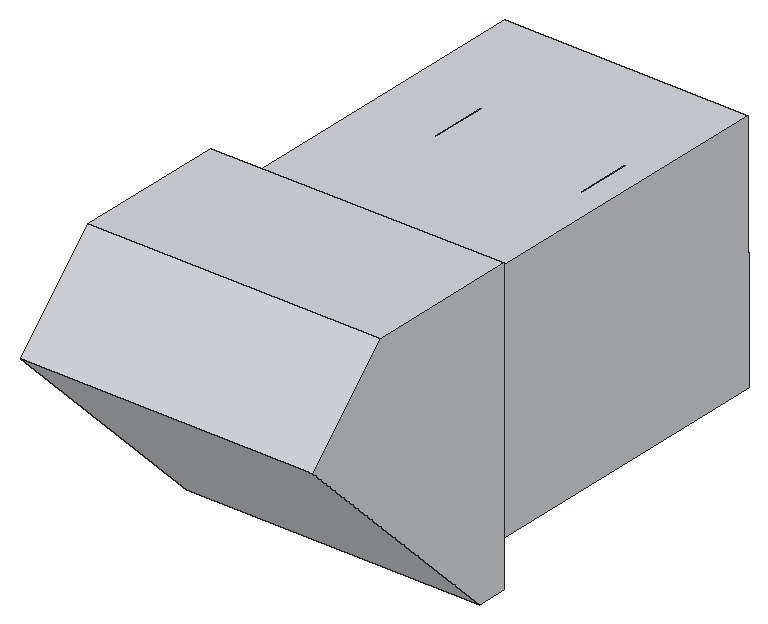
Revit family "XLPH_SUPPLY", category Mechanical Equipment, Revit 2019
Family settings
  Round Connector Dimension = Use Diameter
  Part Type = Normal
  Work Plane-Based = No
  Always vertical = Yes
  Cut with Voids When Loaded = No
  Shared = No
  Room Calculation Point = No
Parameters (values of type "20_XLPH_SUPPLY")
  WO_PAC = B_PAC + 0' 0 1/4"  # 2' - 1 1/4"
  WH_C = WH_B + 0' 3"  # 2' - 9"
  WH_B/2 = WH_B / 2  # 1' - 3"
  WH_B = 2' - 6"
  WH_A = 2' - 0 3/8"
  WEATHER_HOOD [instance] = yes
  Unit Weight [instance] = ""
  Sones [instance] = ""
  SIZE/2 = SIZE / 2  # 0' - 11 15/16"
  SIZE = D - 0' 0 1/8"  # 1' - 11 7/8"
  Motor RPM [instance] = ""
  Motor Enclosure [instance] = ""
  ModelID [instance] = ""
  MOTOR = D / 10  # 0' - 2.4"
  LwA [instance] = ""
  Fan RPM [instance] = ""
  D_PAC/2 = D_PAC / 2 - 0' 4"  # 1' - 1 3/16"
  D_PAC = 2' - 10 3/8"
  D/2 = D / 2  # 1' - 0"
  D = 2' - 0"
  E/2 = E / 2  # 0' - 1"
  E = 0' - 2"
  C_PAC/2 = C_PAC / 2  # 0' - 11"
  C_PAC = 1' - 10"
  C/2 = C / 2  # 0' - 2 5/8"
  C = 0' - 5 1/4"
  B_PAC/2 = B_PAC / 2  # 1' - 0 1/2"
  B_PAC = 2' - 1"
  B/4 = B / 4  # 0' - 4 49/64"
  B/2 = B / 2  # 0' - 9 17/32"
  B = 1' - 7 1/16"
  Accessories [instance] = ""
  A_PAC/2 = A_PAC / 2  # 1' - 1 3/4"
  A_PAC = 2' - 3 1/2"
  A/7 = A / 7  # 0' - 3.45536"
  A/3.5 = A / 3.5  # 0' - 6.91071"
  A/2 = A / 2  # 1' - 0 3/32"
  A = 2' - 0 3/16"
  90 = 90.00°  # constant formula
  9" = 0' - 9"  # constant formula
  4'6" = 4' - 6"  # constant formula
  3" = 0' - 3"  # constant formula
  Brake Hp [instance] = ""
  4" = 0' - 4"  # constant formula
  2' = 2' - 0"
  2" = 0' - 2"  # constant formula
  135 = 135.00°  # constant formula
  1" = 0' - 1"  # constant formula
  0 = 0' - 0"  # constant formula
  Voltage [instance] = 0 V
  URL = "www.lorencook.com"
  Type Comments = "Heavy Duty Low-Pressure Wall-Pac Supply Fan Steel Propeller Belt Drive"  # constant formula
  Static Pressure [instance] = 0.00 in-wg
  Power [instance] = Voltage * Motor FLA * sqrt(if(Phase = 3, 3, 1))  # 0 VA
  Phase [instance] = 0
  Number of Poles [instance] = 1
  Motor Hp [instance] = "0"
  Motor FLA [instance] = 0 A
  Model = "XLPH_SUPPLY"  # constant formula
  Manufacturer = "Loren Cook Company"
  CFM [instance] = 0 CFM
  1.5 = 0' - 1 1/2"  # constant formula
  1/2 = 0' - 0 1/2"  # constant formula
  ONE EIGTH = 0' - 0 1/8"  # constant formula
  -WH_B/2 = -WH_B / 2  # -1' - 3"
  -D_PAC/2 = -D_PAC / 2 - 0' 4"  # -1' - 9 3/16"
  -D = -E  # -0' - 2"
  -C/2 = -C / 2  # -0' - 2 5/8"
  -B+1" = -B + 0' 2"  # -1' - 5 1/16"
  -B = -B  # -1' - 7 1/16"
  -((SIZE/2)-.25") = -((SIZE / 2) - 0' 0 1/4")  # -0' - 11 11/16"
  -((A/2)-C-.5") = -((A / 2) - C - 0' 0 1/2")  # -0' - 6 11/32"
  (SIZE/2)-.25" = (SIZE / 2) - 0' 0 1/4"  # 0' - 11 11/16"
  (D_SUP/2)-(C/2)-.125" = (D / 2) - (C / 2) - 0' 0 1/8"  # 0' - 9 1/4"
  (A/2)-C-.5" = (A / 2) - C - 0' 0 1/2"  # 0' - 6 11/32"
  (A/2)-1" = (A / 2) - 0' 0 1/4"  # 0' - 11 27/32"
Types (9): name | WO_PAC | WH_C | WH_B/2 | WH_B | WH_A | SIZE/2 | SIZE | MOTOR | D_PAC/2 | D_PAC | D/2 | D | E/2 | E | C_PAC/2 | C_PAC | C/2 | C | B_PAC/2 | B_PAC | B/4 | B/2 | B | A_PAC/2 | A_PAC | A/7 | A/3.5 | A/2 | A | -WH_B/2 | -D_PAC/2 | -D | -C/2 | -B+1" | -B | -((SIZE/2)-.25") | -((A/2)-C-.5") | (SIZE/2)-.25" | (D_SUP/2)-(C/2)-.125" | (A/2)-C-.5" | (A/2)-1"
  (no name) | 2' - 1 1/4" | 2' - 9" | 1' - 3" | 2' - 6" | 2' - 0 3/8" | 0' - 11 15/16" | 1' - 11 7/8" | 0' - 2.4" | 1' - 1 3/16" | 2' - 10 3/8" | 1' - 0" | 2' - 0" | 0' - 1" | 0' - 2" | 0' - 11" | 1' - 10" | 0' - 2 5/8" | 0' - 5 1/4" | 1' - 0 1/2" | 2' - 1" | 0' - 4 49/64" | 0' - 9 17/32" | 1' - 7 1/16" | 1' - 1 3/4" | 2' - 3 1/2" | 0' - 3.45536" | 0' - 6.91071" | 1' - 0 3/32" | 2' - 0 3/16" | -1' - 3" | -1' - 9 3/16" | -0' - 2" | -0' - 2 5/8" | -1' - 5 1/16" | -1' - 7 1/16" | -0' - 11 11/16" | -0' - 6 11/32" | 0' - 11 11/16" | 0' - 9 1/4" | 0' - 6 11/32" | 0' - 11 27/32"
  24_XLPH_SUPPLY | 2' - 7 1/4" | 3' - 1" | 1' - 5" | 2' - 10" | 2' - 3 1/8" | 1' - 2 15/16" | 2' - 5 7/8" | 0' - 3" | 1' - 1 3/16" | 2' - 10 3/8" | 1' - 3" | 2' - 6" | 0' - 1 1/2" | 0' - 3" | 1' - 1 3/4" | 2' - 3 1/2" | 0' - 3 3/8" | 0' - 6 3/4" | 1' - 3 1/2" | 2' - 7" | 0' - 4 49/64" | 0' - 9 17/32" | 1' - 7 1/16" | 1' - 4 3/4" | 2' - 9 1/2" | 0' - 4 5/16" | 0' - 8 5/8" | 1' - 3 3/32" | 2' - 6 3/16" | -1' - 5" | -1' - 9 3/16" | -0' - 3" | -0' - 3 3/8" | -1' - 5 1/16" | -1' - 7 1/16" | -1' - 2 11/16" | -0' - 7 27/32" | 1' - 2 11/16" | 0' - 11 1/2" | 0' - 7 27/32" | 1' - 2 27/32"
  30_XLPH_SUPPLY | 3' - 1 1/4" | 3' - 7" | 1' - 8" | 3' - 4" | 2' - 7 7/16" | 1' - 5 15/16" | 2' - 11 7/8" | 0' - 3.6" | 1' - 3" | 3' - 2" | 1' - 6" | 3' - 0" | 0' - 1 1/2" | 0' - 3" | 1' - 4 3/4" | 2' - 9 1/2" | 0' - 3 3/8" | 0' - 6 3/4" | 1' - 6 1/2" | 3' - 1" | 0' - 4 49/64" | 0' - 9 17/32" | 1' - 7 1/16" | 1' - 7 3/4" | 3' - 3 1/2" | 0' - 5.16964" | 0' - 10.33929" | 1' - 6 3/32" | 3' - 0 3/16" | -1' - 8" | -1' - 11" | -0' - 3" | -0' - 3 3/8" | -1' - 5 1/16" | -1' - 7 1/16" | -1' - 5 11/16" | -0' - 10 27/32" | 1' - 5 11/16" | 1' - 2 1/2" | 0' - 10 27/32" | 1' - 5 27/32"
  36_XLPH_SUPPLY | 3' - 7 1/4" | 4' - 1" | 1' - 11" | 3' - 10" | 2' - 11 11/16" | 1' - 8 15/16" | 3' - 5 7/8" | 0' - 4.2" | 1' - 3 3/4" | 3' - 3 1/2" | 1' - 9" | 3' - 6" | 0' - 1 1/2" | 0' - 3" | 1' - 7 3/4" | 3' - 3 1/2" | 0' - 3 11/16" | 0' - 7 3/8" | 1' - 9 1/2" | 3' - 7" | 0' - 4 49/64" | 0' - 9 17/32" | 1' - 7 1/16" | 1' - 10 3/4" | 3' - 9 1/2" | 0' - 6.02679" | 1' - 0.05357" | 1' - 9 3/32" | 3' - 6 3/16" | -1' - 11" | -1' - 11 3/4" | -0' - 3" | -0' - 3 11/16" | -1' - 5 1/16" | -1' - 7 1/16" | -1' - 8 11/16" | -1' - 1 7/32" | 1' - 8 11/16" | 1' - 5 3/16" | 1' - 1 7/32" | 1' - 8 27/32"
  42_XLPH_SUPPLY | 4' - 1 5/16" | 4' - 7" | 2' - 2" | 4' - 4" | 3' - 3 15/16" | 1' - 11 15/16" | 3' - 11 7/8" | 0' - 4.8" | 1' - 4 1/2" | 3' - 5" | 2' - 0" | 4' - 0" | 0' - 1 1/2" | 0' - 3" | 1' - 10 3/4" | 3' - 9 1/2" | 0' - 3 25/32" | 0' - 7 9/16" | 2' - 0 17/32" | 4' - 1 1/16" | 0' - 5 11/64" | 0' - 10 11/32" | 1' - 8 11/16" | 2' - 1 3/4" | 4' - 3 1/2" | 0' - 6.88393" | 1' - 1.76786" | 2' - 0 3/32" | 4' - 0 3/16" | -2' - 2" | -2' - 0 1/2" | -0' - 3" | -0' - 3 25/32" | -1' - 6 11/16" | -1' - 8 11/16" | -1' - 11 11/16" | -1' - 4 1/32" | 1' - 11 11/16" | 1' - 8 3/32" | 1' - 4 1/32" | 1' - 11 27/32"
  48_XLPH_SUPPLY | 4' - 7 5/16" | 5' - 1" | 2' - 5" | 4' - 10" | 3' - 8 3/16" | 2' - 2 15/16" | 4' - 5 7/8" | 0' - 5.4" | 1' - 9 1/2" | 4' - 3" | 2' - 3" | 4' - 6" | 0' - 1 1/2" | 0' - 3" | 2' - 1 3/4" | 4' - 3 1/2" | 0' - 3 15/16" | 0' - 7 7/8" | 2' - 3 17/32" | 4' - 7 1/16" | 0' - 6 37/64" | 1' - 1 5/32" | 2' - 2 5/16" | 2' - 4 3/4" | 4' - 9 1/2" | 0' - 7.74107" | 1' - 3.48214" | 2' - 3 3/32" | 4' - 6 3/16" | -2' - 5" | -2' - 5 1/2" | -0' - 3" | -0' - 3 15/16" | -2' - 0 5/16" | -2' - 2 5/16" | -2' - 2 11/16" | -1' - 6 23/32" | 2' - 2 11/16" | 1' - 10 15/16" | 1' - 6 23/32" | 2' - 2 27/32"
  54_XLPH_SUPPLY | 5' - 1 3/8" | 5' - 7" | 2' - 8" | 5' - 4" | 4' - 0 7/16" | 2' - 5 15/16" | 4' - 11 7/8" | 0' - 6" | 1' - 8" | 4' - 0" | 2' - 6" | 5' - 0" | 0' - 1 1/2" | 0' - 3" | 2' - 4 3/4" | 4' - 9 1/2" | 0' - 3 7/8" | 0' - 7 3/4" | 2' - 6 9/16" | 5' - 1 1/8" | 0' - 6 37/64" | 1' - 1 5/32" | 2' - 2 5/16" | 2' - 7 3/4" | 5' - 3 1/2" | 0' - 8.59821" | 1' - 5.19643" | 2' - 6 3/32" | 5' - 0 3/16" | -2' - 8" | -2' - 4" | -0' - 3" | -0' - 3 7/8" | -2' - 0 5/16" | -2' - 2 5/16" | -2' - 5 11/16" | -1' - 9 27/32" | 2' - 5 11/16" | 2' - 2" | 1' - 9 27/32" | 2' - 5 27/32"
  60_XLPH_SUPPLY | 5' - 7 3/8" | 6' - 1" | 2' - 11" | 5' - 10" | 4' - 4 5/8" | 2' - 8 15/16" | 5' - 5 7/8" | 0' - 6.6" | 1' - 8" | 4' - 0" | 2' - 9" | 5' - 6" | 0' - 1 1/2" | 0' - 3" | 2' - 7 3/4" | 5' - 3 1/2" | 0' - 3 15/16" | 0' - 7 7/8" | 2' - 9 9/16" | 5' - 7 1/8" | 0' - 6 37/64" | 1' - 1 5/32" | 2' - 2 5/16" | 2' - 10 3/4" | 5' - 9 1/2" | 0' - 9.45536" | 1' - 6.91071" | 2' - 9 3/32" | 5' - 6 3/16" | -2' - 11" | -2' - 4" | -0' - 3" | -0' - 3 15/16" | -2' - 0 5/16" | -2' - 2 5/16" | -2' - 8 11/16" | -2' - 0 23/32" | 2' - 8 11/16" | 2' - 4 15/16" | 2' - 0 23/32" | 2' - 8 27/32"
  20_XLPH_SUPPLY | 2' - 1 1/4" | 2' - 9" | 1' - 3" | 2' - 6" | 2' - 0 3/8" | 0' - 11 15/16" | 1' - 11 7/8" | 0' - 2.4" | 1' - 1 3/16" | 2' - 10 3/8" | 1' - 0" | 2' - 0" | 0' - 1" | 0' - 2" | 0' - 11" | 1' - 10" | 0' - 2 5/8" | 0' - 5 1/4" | 1' - 0 1/2" | 2' - 1" | 0' - 4 49/64" | 0' - 9 17/32" | 1' - 7 1/16" | 1' - 1 3/4" | 2' - 3 1/2" | 0' - 3.45536" | 0' - 6.91071" | 1' - 0 3/32" | 2' - 0 3/16" | -1' - 3" | -1' - 9 3/16" | -0' - 2" | -0' - 2 5/8" | -1' - 5 1/16" | -1' - 7 1/16" | -0' - 11 11/16" | -0' - 6 11/32" | 0' - 11 11/16" | 0' - 9 1/4" | 0' - 6 11/32" | 0' - 11 27/32"
Reference planes (in)
  plane 1 "Center (Front/Back)": y = 0
  plane 2: z = 0
  plane 3 "Center (Left/Right)": x = 0.40541
Forms (in)
  Revolve 1, solid
    sketch origin (0.40541, 0, 0) x (0, 1, 0) y (0, 0, 1)
      loop
        line (-3.625, 2.625) -> (-3.625, 0) -> (-2.625, 0) -> (-2.625, 2.625) -> (-3.625, 2.625)
      axis (-3.625, 0) -> (-2.625, 0)
    angle from 0 to 360
  Extrusion 2, solid
    sketch origin (0.40541, 0, 0) x (0, 1, 0) y (0, 0, 1)
      loop
        line (0, -2.625) -> (-5.25, 2.625) -> (-5.33839, 2.53661) -> (-0.08839, -2.71339) -> (0, -2.625)
    from 48 to 2.625 <- "C/2"
  Extrusion 3, solid
    sketch origin (0.40541, 0, 0) x (0, 1, 0) y (-1, 0, 0)
      loop
        line (0, -2.625) -> (-5.25, 2.625) -> (-5.33839, 2.53661) -> (-0.08839, -2.71339) -> (0, -2.625)
    from 48 to 2.625 <- "C/2"
  Extrusion 4, solid
    sketch origin (0.40541, 0, 0) x (0, 1, 0) y (0, 0, -1)
      loop
        line (0, -2.625) -> (-5.25, 2.625) -> (-5.33839, 2.53661) -> (-0.08839, -2.71339) -> (0, -2.625)
    from 48 to 2.625 <- "C/2"
  Extrusion 5, solid
    sketch origin (0.40541, 0, 0) x (1, 0, 0) y (0, 1, 0)
      loop
        line (-2.625, 0) -> (-2.71339, -0.08839) -> (2.53661, -5.33839) -> (2.625, -5.25) -> (-2.625, 0)
    from -48 to -2.625 <- "-C/2"
  Extrusion 6, void
    sketch origin (0, 0, 0) x (1, 0, 0) y (0, 0, 1)
      loop
        circle (0.40541, 0) r 9.25
      loop
        circle (0.40541, 0) r 54
    from 0 to 10
  Extrusion 7, solid
    sketch origin (0, 0, 0) x (1, 0, 0) y (0, 0, 1)
      loop
        line (-11.68834, 12.09375) -> (-11.68834, -12.09375) -> (12.49916, -12.09375) -> (12.49916, 12.09375) -> (-11.68834, 12.09375)
      loop
        circle (0.40541, 0) r 12
    from 0 to -0.125
  Extrusion 8, solid
    sketch origin (0, 0, 0) x (1, 0, 0) y (0, 0, 1)
      loop
        line (-11.68834, 12.09375) -> (-11.68834, -12.09375) -> (12.49916, -12.09375) -> (12.49916, 12.09375) -> (-11.68834, 12.09375)
      loop
        line (12.37416, -11.96875) -> (12.37416, 11.96875) -> (-11.56334, 11.96875) -> (-11.56334, -11.96875) -> (12.37416, -11.96875)
    from 0 to -2 <- "-D"
  Extrusion 9, solid
    sketch origin (0, 0, 0) x (1, 0, 0) y (0, 0, 1)
      loop
        circle (0.40541, 0) r 1
    from 2 to -19.0625 <- "-B"
  Extrusion 10, solid
    sketch origin (0, 0, 0) x (1, 0, 0) y (0, 0, 1)
      loop
        line (-6.5053, -2) -> (-6.5053, -11) -> (-6.3803, -11) -> (-6.3803, -3.5) -> (7.19113, -3.5) -> (7.19113, -11) -> (7.31613, -11) -> (7.31613, -2) -> (-6.5053, -2)
    from 0 to -17.0625 <- "-B+1""
  Sweep 11, solid
    path origin (0.40541, 0, 0) x (0, 1, 0) y (0, 0, 1)
      loop
        line (0.125, 10.96875) -> (11.29687, 10.96875)
        arc (11.29687, 10.96875) -> (14.66668, 9.57293) -> (16.0625, 6.20312) r 4.76563
        line (16.0625, 6.20312) -> (16.0625, -6.20312)
        arc (16.0625, -6.20312) -> (14.66668, -9.57293) -> (11.29687, -10.96875) r 4.76563
        line (11.29687, -10.96875) -> (0.125, -10.96875)
    profile origin (0.40541, 5.71094, 10.96875) x (0, 0, 1) y (1, 0, 0)
      loop
        circle (0, -7.41071) r 0.5
      loop
        circle (0, 7.41071) r 0.5
  Revolve 12, solid
    sketch origin (0.40541, 0, 0) x (0, 1, 0) y (0, 0, 1)
      loop
        arc (-0.125, 12) -> (-2.75, 9.375) -> (-5.375, 12) r 2.625
        line (-5.375, 12) -> (-5.5, 12)
        arc (-5.5, 12) -> (-2.75, 9.25) -> (0, 12) r 2.75
        line (0, 12) -> (-0.125, 12)
      axis (-5.5, 0) -> (0, 0)
    angle from 0 to 360
  Extrusion 13, solid
    sketch origin (0, 17.0625, 0) x (-1, 0, 0) y (0, 0, 1)
      loop
        circle (-0.40541, -5.9) r 2.4
    from 0 to -17.0625 <- "-B+1""
  Extrusion 14, solid
    sketch origin (0, 19.0625, 0) x (-1, 0, 0) y (0, 0, 1)
      loop
        circle (-0.40541, -5.9) r 1
    from 0 to -2
  Extrusion 15, solid
    sketch origin (0, 17.0625, 0) x (-1, 0, 0) y (0, 0, 1)
      loop
        line (-3.40541, -0.5) -> (-3.40541, -2) -> (2.59459, -2) -> (2.59459, -0.5) -> (1.53108, -0.5)
        arc (1.53108, -0.5) -> (-0.40541, 2) -> (-2.3419, -0.5) r 2
        line (-2.3419, -0.5) -> (-3.40541, -0.5)
    from -2.5 to -1
  Extrusion 16, solid
    sketch origin (0, 0, 0) x (1, 0, 0) y (0, 0, 1)
      loop
        arc (2.3419, -0.5) -> (0.40541, 2) -> (-1.53108, -0.5) r 2
        line (-1.53108, -0.5) -> (-2.59459, -0.5) -> (-2.59459, -2) -> (3.40541, -2) -> (3.40541, -0.5) -> (2.3419, -0.5)
    from -2.5 to -1
  Extrusion 17, solid
    sketch origin (0, 0, 0) x (1, 0, 0) y (0, 0, 1)
      loop
        line (-11.96959, 12.375) -> (-11.96959, -12.375) -> (12.78041, -12.375) -> (12.78041, 12.375) -> (-11.96959, 12.375)
      loop
        line (12.90541, -12.5) -> (12.90541, 12.5) -> (-12.09459, 12.5) -> (-12.09459, -12.5) -> (12.90541, -12.5)
    from -21.1875 <- "-D_PAC/2" to 13.1875 <- "D_PAC/2"
  Extrusion 18, solid
    sketch origin (0, -13.1875, 0) x (1, 0, 0) y (0, 0, 1)
      loop
        line (-13.34459, 13.75) -> (-13.34459, -13.75) -> (14.15541, -13.75) -> (14.15541, 13.75) -> (-13.34459, 13.75)
      loop
        line (11.40541, -11) -> (11.40541, 11) -> (-10.59459, 11) -> (-10.59459, -11) -> (11.40541, -11)
    from 0 to 0.125
  Extrusion 19, solid
    sketch origin (0, -13.3125, 0) x (1, 0, 0) y (0, 0, 1)
      loop
        line (-8.59459, 9) -> (-8.59459, -9) -> (9.40541, -9) -> (9.40541, 9) -> (-8.59459, 9)
      loop
        line (11.40541, -11) -> (11.40541, 11) -> (-10.59459, 11) -> (-10.59459, -11) -> (11.40541, -11)
    from 0 to 2
  Extrusion 20, solid, visible <- "WEATHER_HOOD"
    sketch origin (0.40541, 0, 0) x (0, 1, 0) y (0, 0, 1)
      loop
        line (-13.3125, 15) -> (-29.0625, 15) -> (-37.6875, 6.375) -> (-16.3125, -15) -> (-13.3125, -15) -> (-13.3125, 15)
    from 15 <- "WH_B/2" to -15 <- "-WH_B/2"
Cuts and joins
  Extrusion 6 cuts Revolve 1
  Extrusion 6 cuts Extrusion 2
  Extrusion 6 cuts Extrusion 3
  Extrusion 6 cuts Extrusion 4
  Extrusion 6 cuts Extrusion 5
Dimensions and locks (in)
  "0": Revolve 1 sketch curve to level  (x2)
  "C/2": Revolve 1 sketch curve to level
  "C/2": plane 1 "Center (Front/Back)" to Revolve 1 sketch curve
  "1"": Revolve 1 sketch curve to Revolve 1 sketch curve
  "0": Extrusion 2 sketch curve to plane 1 "Center (Front/Back)"
  "C": plane 1 "Center (Front/Back)" to Extrusion 2 sketch curve
  "C/2": Extrusion 2 sketch curve to level
  "C/2": level to Extrusion 2 sketch curve
  "ONE EIGTH": Extrusion 2 sketch curve to Extrusion 2 sketch curve
  "ONE EIGTH": Extrusion 3 sketch curve to Extrusion 3 sketch curve
  "ONE EIGTH": Extrusion 4 sketch curve to Extrusion 4 sketch curve
  "ONE EIGTH": Extrusion 5 sketch curve to Extrusion 5 sketch curve
  Extrusion 6 sketch curve to plane 3 "Center (Left/Right)" = 0' - 0"  (x2)
  level to Extrusion 6 sketch curve = 0' - 0"
  Extrusion 6 sketch curve to level = 0' - 0"
  "0": Extrusion 3 sketch curve to plane 1 "Center (Front/Back)"
  "C": Extrusion 3 sketch curve to plane 1 "Center (Front/Back)"
  "C/2": plane 3 "Center (Left/Right)" to Extrusion 3 sketch curve
  "C/2": Extrusion 3 sketch curve to plane 3 "Center (Left/Right)"
  "C": plane 1 "Center (Front/Back)" to Extrusion 4 sketch curve
  "0": Extrusion 4 sketch curve to plane 1 "Center (Front/Back)"
  "C/2": level to Extrusion 4 sketch curve
  "C/2": Extrusion 4 sketch curve to level
  "0": Extrusion 5 sketch curve to plane 1 "Center (Front/Back)"
  "C": Extrusion 5 sketch curve to plane 1 "Center (Front/Back)"
  "C/2": plane 3 "Center (Left/Right)" to Extrusion 5 sketch curve
  "C/2": Extrusion 5 sketch curve to plane 3 "Center (Left/Right)"
  "A/2": plane 3 "Center (Left/Right)" to Extrusion 7 sketch curve
  "A/2": Extrusion 7 sketch curve to plane 3 "Center (Left/Right)"
  "A/2": Extrusion 7 sketch curve to level
  "A/2": level to Extrusion 7 sketch curve
  "0": Extrusion 7 sketch curve to level
  "0": Extrusion 7 sketch curve to plane 3 "Center (Left/Right)"
  "ONE EIGTH": Extrusion 8 sketch curve to Extrusion 8 sketch curve  (x4)
  "A/2": plane 3 "Center (Left/Right)" to Extrusion 8 sketch curve  (x2)
  "A/2": level to Extrusion 8 sketch curve
  "A/2": Extrusion 8 sketch curve to level
  "0": Extrusion 9 sketch curve to level
  "0": Extrusion 9 sketch curve to plane 3 "Center (Left/Right)"
  "2"": level to Extrusion 10 sketch curve
  "9"": Extrusion 10 sketch curve to Extrusion 10 sketch curve  (x2)
  "A/3.5": Extrusion 10 sketch curve to plane 3 "Center (Left/Right)"
  "A/3.5": plane 3 "Center (Left/Right)" to Extrusion 10 sketch curve
  "ONE EIGTH": Sweep 11 sketch curve to plane 1 "Center (Front/Back)"  (x2)
  "1"": Extrusion 8 to Sweep 11 sketch curve  (x2)
  "0": Sweep 11 sketch curve to profile plane  (x2)
  "1/2": Sweep 11 sketch curve to Extrusion 10  (x2)
  "0": Revolve 12 sketch curve to level
  "D/2": Revolve 12 sketch curve to level  (x2)
  "C": Revolve 12 sketch curve to Revolve 12 sketch curve
  "ONE EIGTH": plane 1 "Center (Front/Back)" to Revolve 12 sketch curve
  "ONE EIGTH": Revolve 12 sketch curve to Revolve 12 sketch curve  (x2)
  "0": Revolve 12 sketch curve to Revolve 12 sketch curve
  "ONE EIGTH": Extrusion 10 sketch curve to Extrusion 10 sketch curve  (x2)
  "1.5": Extrusion 10 sketch curve to Extrusion 10 sketch curve
  "1"": Extrusion 10 to Sweep 11 sketch curve
  "0": Extrusion 13 sketch curve to plane 3 "Center (Left/Right)"
  "MOTOR": Extrusion 13 sketch curve to Extrusion 10
  "0": Extrusion 14 sketch curve to plane 3 "Center (Left/Right)"
  "MOTOR": Extrusion 14 sketch curve to Extrusion 10
  "0": Extrusion 10 to Extrusion 15 sketch curve
  "1.5": Extrusion 15 sketch curve to Extrusion 15 sketch curve
  "3"": plane 3 "Center (Left/Right)" to Extrusion 15 sketch curve  (x2)
  "0": Extrusion 15 sketch curve to plane 3 "Center (Left/Right)"
  "0": level to Extrusion 15 sketch curve
  "0": Extrusion 16 sketch curve to plane 3 "Center (Left/Right)"
  "0": Extrusion 16 sketch curve to level
  "0": Extrusion 10 to Extrusion 16 sketch curve
  "1.5": Extrusion 10 to Extrusion 16 sketch curve
  "3"": plane 3 "Center (Left/Right)" to Extrusion 16 sketch curve  (x2)
  "ONE EIGTH": Extrusion 17 sketch curve to Extrusion 17 sketch curve  (x4)
  "B_PAC/2": plane 3 "Center (Left/Right)" to Extrusion 17 sketch curve
  "B_PAC/2": Extrusion 17 sketch curve to plane 3 "Center (Left/Right)"
  "B_PAC/2": Extrusion 17 sketch curve to level
  "B_PAC/2": level to Extrusion 17 sketch curve
  "A_PAC/2": plane 3 "Center (Left/Right)" to Extrusion 18 sketch curve
  "A_PAC/2": Extrusion 18 sketch curve to plane 3 "Center (Left/Right)"
  "A_PAC/2": Extrusion 18 sketch curve to level
  "A_PAC/2": level to Extrusion 18 sketch curve
  "C_PAC/2": level to Extrusion 18 sketch curve
  "C_PAC/2": Extrusion 18 sketch curve to level
  "C_PAC/2": plane 3 "Center (Left/Right)" to Extrusion 18 sketch curve  (x2)
  "2"": Extrusion 19 sketch curve to Extrusion 19 sketch curve  (x4)
  "C_PAC/2": plane 3 "Center (Left/Right)" to Extrusion 19 sketch curve  (x2)
  "C_PAC/2": Extrusion 19 sketch curve to level
  "C_PAC/2": level to Extrusion 19 sketch curve
  "WH_A": Extrusion 20 sketch curve to Extrusion 20 sketch curve
  "0": Extrusion 18 to Extrusion 20 sketch curve
  "WH_B/2": level to Extrusion 20 sketch curve
  "WH_B/2": Extrusion 20 sketch curve to level
  "3"": Extrusion 20 sketch curve to Extrusion 20 sketch curve
  "(D_SUP/2)-(C/2)-.125"": radius of Extrusion 6 sketch curve
  "D/2": radius of Extrusion 7 sketch curve
  "1"": radius of Extrusion 9 sketch curve
  "B/4": radius of Sweep 11 sketch curve  (x2)
  "1/2": radius of Sweep 11 sketch curve  (x2)
  "MOTOR": radius of Extrusion 13 sketch curve
  "1"": radius of Extrusion 14 sketch curve
  "2"": radius of Extrusion 15 sketch curve
  "2"": radius of Extrusion 16 sketch curve
  "4'6"": radius of Extrusion 6 sketch curve
  "135": angle Extrusion 20 sketch curve to Extrusion 20 sketch curve
  "90": angle Extrusion 20 sketch curve to Extrusion 20 sketch curve
Automatic sketch dimensions
  Revolve 1 sketch curve to plane 1 "Center (Front/Back)" = 0' - 0"
  Revolve 1 sketch curve to Revolve 1 sketch curve = 2' - 2"
  plane 1 "Center (Front/Back)" to Revolve 12 sketch curve = 0' - 3 1/4"
  Revolve 12 sketch curve to Revolve 12 sketch curve = 0' - 1.44822"
  Extrusion 15 sketch curve to Extrusion 15 sketch curve = 0' - 1.06351"
  Extrusion 16 sketch curve to Extrusion 16 sketch curve = 0' - 1.06351"
  Extrusion 16 sketch curve to Extrusion 16 sketch curve = 0' - 0"  (x2)
Connectors (in)
  electrical at (0.40541, 0, -5.9)
    settings: on Extrusion 13, index 2, voltage 0 V, apparent load 0 VA, apparent load phase1 0 VA, apparent load phase2 0 VA, apparent load phase3 0 VA, power factor 1, load classification "Other", number of poles 1, system type 30, power factor state 1, is connector primary yes, connector utility no, sub classification motor no, connector description ""
  hvac at (0.40541, -15.3125, 0), driven by "CFM", driven by "WO_PAC", driven by "WO_PAC"
    settings: on Extrusion 19, index 3, duct flow 0 CFM, flow factor 0, pres drop 0.00 in-wg, loss coef 0, conn angle 0.00°, conn width 25 1/4", conn height 25 1/4", conn diameter 24", duct sys type 1, conn prof type 1, flow config 0, flow direction 1, loss method 0, conn ref index -1, conn util no, is conn primary yes, conn desc ""
  hvac at (0.40541, 21.1875, 0), driven by "CFM", driven by "WO_PAC", driven by "WO_PAC"
    settings: on Extrusion 17, index 4, duct flow 0 CFM, flow factor 0, pres drop 0.00 in-wg, loss coef 0, conn angle 0.00°, conn width 25 1/4", conn height 25 1/4", conn diameter 24", duct sys type 1, conn prof type 1, flow config 0, flow direction 2, loss method 0, conn ref index -1, conn util no, is conn primary no, conn desc ""
